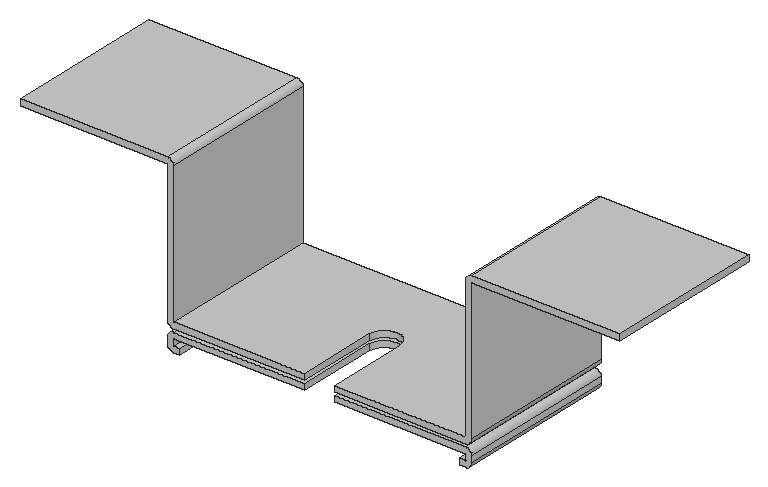
Revit family "ETR_МонтажныйКомплектМКГ5-7", category Обобщенные модели, Revit 2019
Family settings
  Может служить основой для арматурных стержней = Нет
  Размер круглого соединителя = Использовать диаметр
  Тип детали = Нормальный
  На основе рабочей плоскости = Нет
  Всегда вертикально = Нет
  При загрузке вырезать с полостями = Нет
  Общий = Да
  Точка расчета площади = Нет
Parameters
  ADSK_Размер_Ширина = 53 mm  # constant formula
  ADSK_Размер_Длина = 197 mm  # constant formula
  ADSK_Размер_Высота = 57 mm  # constant formula
  ADSK_Наименование краткое = "Комплект монтажный"  # constant formula
  ADSK_Наименование = "Комплект монтажный"  # constant formula
  ADSK_Материал = ETR_Краска кронштейна
  ADSK_Марка [instance] = "МК Гарант-5/7"  # constant formula
  ADSK_Количество = 1  # constant formula
  ADSK_Код изделия = ""  # constant formula
  ADSK_Завод-изготовитель = "ООО «НПО ЭТЕРНИС»"  # constant formula
  ADSK_Единица измерения = "шт."  # constant formula
  ADSK_URL страницы изделия = "https://www.eternis.ru/catalog/pozharotushenie-tonkoraspylennoy-vodoi/kronshteyn-dlya-nastennogo-krepleniya/"
Reference planes
  plane 1 "По центру (Вперед/Назад)": y = 0
  plane 2: z = 0
  plane 3 "По центру (Влево/Вправо)": x = 0
  plane 4: x = -98.5
  plane 5: x = 98.5
  plane 6: y = 26.5
  plane 7: y = -26.5
  plane 8: z = 57
Forms (mm)
  Extrusion 1, solid, material "ETR_Краска кронштейна" <- "ADSK_Материал", detail levels coarse+medium
    sketch origin (0, 0, 27) x (0, 1, 0) y (0, 0, 1)
      loop
        line (-26.5, 30) -> (-26.5, -27) -> (26.5, -27) -> (26.5, 30) -> (-26.5, 30)
    from -98.5 to 98.5
  Extrusion 2, solid, material "ETR_Краска кронштейна" <- "ADSK_Материал", detail levels fine
    sketch origin (0, 0, 0) x (1, 0, 0) y (0, 0, 1)
      loop
        arc (48, 7) -> (49.414, 7.586) -> (50, 9) r 2
        line (50, 9) -> (50, 55) -> (98.5, 55) -> (98.5, 57) -> (50, 57)
        arc (50, 57) -> (48.586, 56.414) -> (48, 55) r 2
        line (48, 55) -> (48, 9) -> (-48, 9) -> (-48, 55)
        arc (-48, 55) -> (-48.586, 56.414) -> (-50, 57) r 2
        line (-50, 57) -> (-98.5, 57) -> (-98.5, 55) -> (-50, 55) -> (-50, 9)
        arc (-50, 9) -> (-49.414, 7.586) -> (-48, 7) r 2
        line (-48, 7) -> (48, 7)
    from -26.5 to 26.5
  Extrusion 3, solid, material "ETR_Краска кронштейна" <- "ADSK_Материал", detail levels fine
    sketch origin (0, 0, 0) x (1, 0, 0) y (0, 0, 1)
      loop
        line (-50, 4) -> (-50, 2)
        arc (-50, 2) -> (-49.414, 0.586) -> (-48, 0) r 2
        line (-48, 0) -> (-46, 0) -> (-46, 2) -> (-48, 2) -> (-48, 4.032) -> (48, 4.032) -> (48, 2) -> (46, 2) -> (46, 0) -> (48, 0)
        arc (48, 0) -> (49.414, 0.586) -> (50, 2) r 2
        line (50, 2) -> (50, 4)
        arc (50, 4) -> (49.414, 5.414) -> (48, 6) r 2
        line (48, 6) -> (-48, 6)
        arc (-48, 6) -> (-49.414, 5.414) -> (-50, 4) r 2
    from -26.5 to 26.5
  Extrusion 4, void
    sketch origin (0, 0, 0) x (1, 0, 0) y (0, 1, 0)
      loop
        line (5, -26.5) -> (5, 0)
        arc (5, 0) -> (0, 5) -> (-5, 0) r 5
        line (-5, 0) -> (-5, -26.5) -> (5, -26.5)
    from 4.032 to 9
Cuts and joins
  Extrusion 4 cuts Extrusion 1
  Extrusion 4 cuts Extrusion 2
  Extrusion 4 cuts Extrusion 3
Lines and regions (mm)
  model lines, not visible
    curve 1: line (0.419, 2.079, 0) -> (0.419, 1.07, 0)
    curve 2: line (0.419, 1.07, 0) -> (1.478, 1.07, 0)
    curve 3: line (1.478, 1.07, 0) -> (1.478, 2.079, 0)
    curve 4: line (0.948, 2.079, 0) -> (0.948, 1.07, 0)
    curve 5: line (2.026, 2.079, 0) -> (2.026, 1.07, 0)
    curve 6: line (2.026, 2.079, 0) -> (3.047, 2.079, 0)
    curve 7: line (3.047, 2.079, 0) -> (3.047, 1.07, 0)
    curve 8: line (3.047, 1.07, 0) -> (2.026, 1.07, 0)
Dimensions and locks
  equal spacing: plane 4, plane 3 "По центру (Влево/Вправо)", plane 5
  "ADSK_Размер_Длина": plane 4 to plane 5
  equal spacing: plane 6, plane 1 "По центру (Вперед/Назад)", plane 7
  "ADSK_Размер_Ширина": plane 6 to plane 7
  "ADSK_Размер_Высота": plane 8 to level
  aligned and locked: level to plane 2
  aligned and locked: Extrusion 1 to plane 4
  aligned and locked: plane 5 to Extrusion 1
  aligned and locked: plane 8 to Extrusion 1
  aligned and locked: Extrusion 2 to plane 6
  aligned and locked: plane 7 to Extrusion 2
  aligned and locked: Extrusion 3 to plane 6
  aligned and locked: plane 7 to Extrusion 3
Automatic sketch dimensions
  plane 3 "По центру (Влево/Вправо)" to curve 1 = 0.419 mm
  curve 1 to curve 3 = 1.059 mm
  curve 3 to curve 5 = 0.548 mm
  curve 5 to curve 7 = 1.021 mm
  curve 8 to plane 1 "По центру (Вперед/Назад)" = 1.07 mm
  curve 1 to plane 1 "По центру (Вперед/Назад)" = 1.07 mm
  curve 5 to curve 6 = 1.008 mm
  curve 1 to curve 4 = 0.529 mm
  curve 3 to curve 5 = 0 mm
  curve 4 to curve 3 = 0 mm
  curve 1 to curve 4 = 0 mm
  Extrusion 1 sketch curve to level = 0 mm
  Extrusion 1 sketch curve to plane 7 = 0 mm
  Extrusion 1 sketch curve to plane 6 = 0 mm
  level to Extrusion 1 sketch curve = 57 mm
  Extrusion 2 sketch curve to plane 4 = 0 mm
  Extrusion 2 sketch curve to plane 8 = 0 mm  (x2)
  Extrusion 2 sketch curve to plane 5 = 0 mm
  level to Extrusion 2 sketch curve = 9 mm  (x2)
  plane 4 to Extrusion 2 sketch curve = 48.5 mm
  Extrusion 2 sketch curve to Extrusion 2 sketch curve = 0 mm  (x5)
  Extrusion 2 sketch curve to Extrusion 2 sketch curve = 2 mm  (x2)
  plane 3 "По центру (Влево/Вправо)" to Extrusion 2 sketch curve = 48 mm
  Extrusion 2 sketch curve to plane 8 = 2 mm
  Extrusion 3 sketch curve to level = 0 mm  (x2)
  level to Extrusion 3 sketch curve = 2 mm
  plane 4 to Extrusion 3 sketch curve = 48.5 mm
  Extrusion 3 sketch curve to Extrusion 3 sketch curve = 0 mm  (x6)
  Extrusion 3 sketch curve to Extrusion 3 sketch curve = 2 mm  (x4)
  plane 3 "По центру (Влево/Вправо)" to Extrusion 3 sketch curve = 46 mm
  Extrusion 3 sketch curve to Extrusion 3 sketch curve = 0.032 mm
  plane 7 to Extrusion 4 sketch curve = 0 mm
  plane 1 "По центру (Вперед/Назад)" to Extrusion 4 sketch curve = 0 mm
  Extrusion 4 sketch curve to plane 3 "По центру (Влево/Вправо)" = 0 mm
  Extrusion 4 sketch curve to plane 3 "По центру (Влево/Вправо)" = 5 mm
